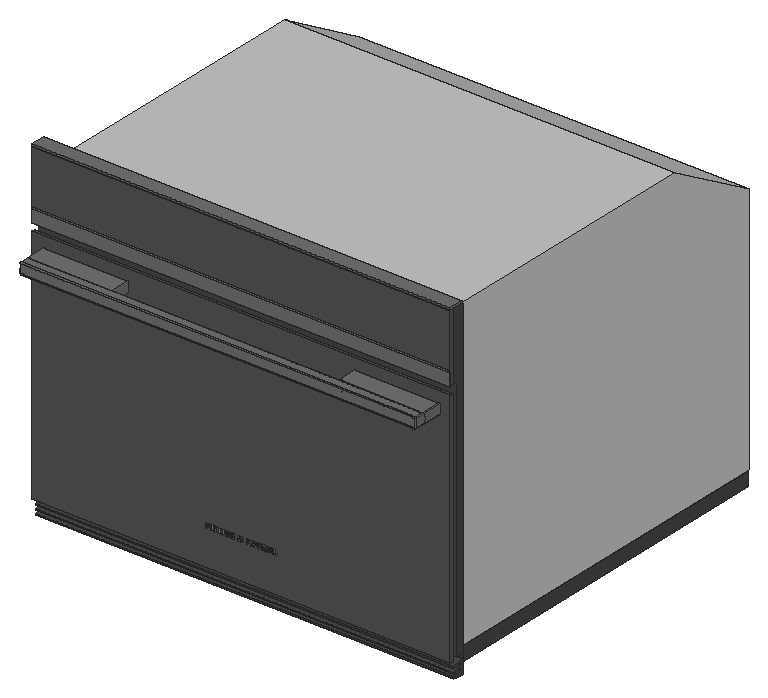
Revit family "FP_Revit_18_OS24NDBB1_w_TK480NDB1_Steam_Oven_w_24in_Trimkit_90000816A", category Specialty Equipment, Revit 2018
Family settings
  Round Connector Dimension = Use Diameter
  Part Type = Normal
  OmniClass Number = 23.40.40.14.17.31
  OmniClass Title = Small Specialized Cooking Equipment
  Work Plane-Based = No
  Always vertical = Yes
  Cut with Voids When Loaded = Yes
  Shared = No
  Room Calculation Point = No
Parameters (values of type "OS24NDBB1 + TK480NDB1")
  Visibility - Clearance Required = yes
  URL = "www.fisherpaykel.com"
  Product - Width = 596 mm  # constant formula
  Product - Height = 478 mm  # constant formula
  Product - Depth = 614 mm  # constant formula
  Model = "OS24NDBB1 + TK480NDB1"
  Material - Trim = Fisher & Paykel - Aluminium, Dark
  Material - Structure = Fisher & Paykel - Black
  Material - Handle = Fisher & Paykel - Aluminium, Dark
  Material - Glass = Fisher & Paykel - Glass, Black
  Material - Body = Fisher & Paykel - Grey
  Manufacturer = "Fisher & Paykel Appliances"
  FFL Offset [instance] = 900 mm
  Description = "24\" Steam Oven + 24\" Trimkit"
  Connector Description - Electrical = "208 V or 240 V, 60 Hz, 10.8 or 12.5 A"
  Chassis - Width = 560 mm  # constant formula
  Chassis - Height = 446 mm  # constant formula
  Chassis - Depth = 540 mm  # constant formula
  Cavity - Width = 560 mm  # constant formula
  Cavity - Height = 480 mm  # constant formula
  Cavity - Depth = 560 mm  # constant formula
Reference planes
  plane 1 "Datum": y = 0
  plane 2: z = 0
  plane 3 "Center (Left/Right)": x = 0
  plane 4: z = 1380
  plane 5: z = 1378
  plane 6 "Product LHS": x = -298
  plane 7 "Product RHS": x = 298
  plane 8 "Product - Depth": y = 0
  plane 9 "Cavity LHS": x = -300
  plane 10 "Cavity RHS": x = 300
  plane 11 "Cavity - Depth": y = 560
  plane 12 "Chassis - Height": z = 0
  plane 13 "Product Depth": y = 540
  plane 14 "FFL Offset": z = 900
  plane 15 "Front": y = -22
Forms (mm)
  Extrusion 1, void
    sketch origin (0, 0, 0) x (0, 1, 0) y (0, 0, 1)
      loop
        line (-22, 1380) -> (-22, 900) -> (0, 900) -> (0, 1380) -> (-22, 1380)
    from -300 to 300
  Extrusion 2, void
    sketch origin (0, 0, 0) x (0, 1, 0) y (0, 0, 1)
      loop
        line (560, 1380) -> (0, 1380) -> (0, 900) -> (560, 900) -> (560, 1380)
    from -280 to 280
Text (mm)
  text "Due to ongoing product development, product details are subject to change without notice. \nPlease always refer to www.fisherpaykel.com for the most current product information. \n© Fisher & Paykel 2020" at (41.04, -413.295, 0), in view "Ref. Level (Plan)"
Dimensions and locks
  equal spacing: plane 6 "Product LHS", plane 3 "Center (Left/Right)", plane 7 "Product RHS"
  "Product - Width": plane 6 "Product LHS" to plane 7 "Product RHS"
  equal spacing: plane 9 "Cavity LHS", plane 3 "Center (Left/Right)", plane 10 "Cavity RHS"
  locked: plane 9 "Cavity LHS" to plane 10 "Cavity RHS" at 600
  "Chassis - Depth": plane 1 "Datum" to plane 13 "Product Depth"
  "FFL Offset": plane 14 "FFL Offset" to level
  "Cavity - Depth": plane 1 "Datum" to plane 11 "Cavity - Depth"
  "Product - Height": plane 5 to plane 14 "FFL Offset"
  "Cavity - Height": plane 4 to plane 14 "FFL Offset"
  "Cavity - Width": Extrusion 2 to Extrusion 2
  aligned and locked: level to plane 2
  aligned and locked: nested 2 to plane 8 "Product - Depth"
  aligned and locked: Extrusion 1 sketch curve to plane 8 "Product - Depth"
  aligned and locked: plane 14 "FFL Offset" to Extrusion 1 sketch curve
  aligned and locked: Extrusion 1 sketch curve to plane 4
  aligned and locked: Extrusion 1 to plane 10 "Cavity RHS"
  aligned and locked: plane 9 "Cavity LHS" to Extrusion 1
  aligned and locked: Extrusion 2 sketch curve to plane 8 "Product - Depth"
  aligned and locked: Extrusion 2 sketch curve to plane 14 "FFL Offset"
  aligned and locked: plane 11 "Cavity - Depth" to Extrusion 2 sketch curve
  aligned and locked: Extrusion 2 sketch curve to nested 2
  aligned and locked: nested 1 to plane 8 "Product - Depth"
  aligned and locked: Extrusion 1 to nested 1
  aligned and locked: plane 15 "Front" to Extrusion 1
Automatic sketch dimensions
  Extrusion 1 sketch curve to Extrusion 1 sketch curve = 22 mm
Nested families
  nested 1: "FP_Revit_18_OS24NDBB1_Steam_Oven_90000816A" at (0, 0, 20), FFL Offset <- "FFL Offset", type "OS24NDBB1"
    with FFL Offset 900 mm
  nested 2: "FP_Revit_18_TK480ND_Trimkits_90001188A" at (0, 0, 0), FFL Offset <- "FFL Offset", type "TK480NDB1"
    with FFL Offset 900 mm
Connectors
  electrical at (-193.854, 548.619, 959.454), driven by "Connector Description - Electrical"
    settings: on nested 1, index 1, voltage 120 V, apparent load 0 VA, apparent load phase1 0 VA, apparent load phase2 0 VA, apparent load phase3 0 VA, power factor 1, load classification "Other", number of poles 1, system type 30, power factor state 1, is connector primary yes, connector utility no, sub classification motor no, connector description "208 V or 240 V, 60 Hz, 10.8 or 12.5 A"
Definition of nested family "FP_Revit_18_OS24NDBB1_Steam_Oven_90000816A"
  Parameters (values of type "OM24NDBB1")
    Visibility - Clearance Required = yes
    URL = "www.fisherpaykel.com"
    Product - Width = 596 mm  # constant formula
    Product - Height = 458 mm  # constant formula
    Product - Depth = 562 mm  # constant formula
    Model = "OM24NDBB1"
    Material - Trim = none
    Material - Structure = none
    Material - Handle = none
    Material - Glass = none
    Material - Body = none
    Manufacturer = "Fisher & Paykel Appliances"
    FFL Offset [instance] = 900 mm
    Description = "24\" Microwave Oven"
    Connector Description - Electrical = "120/240 V or 12/208 V, 60 Hz, 13 or 14 A"
    Chassis - Width = 556 mm  # constant formula
    Chassis - Height = 446 mm  # constant formula
    Chassis - Depth = 540 mm  # constant formula
    Cavity - Width = 600 mm  # constant formula
    Cavity - Height = 460 mm  # constant formula
    Cavity - Depth = 560 mm  # constant formula
  Types (4, lengths in mm): name | Model | Description | Connector Description - Electrical
    OS24NDB1 | "OS24NDB1" | "24\" Steam Oven" | "208 V or 240 V, 60 Hz, 10.8 or 12.5 A"
    OM24NDB1 | "OM24NDB1" | "24\" Microwave Oven" | "120/240 V or 12/208 V, 60 Hz, 13 or 14 A"
    OM24NDBB1 | "OM24NDBB1" | "24\" Microwave Oven" | "120/240 V or 12/208 V, 60 Hz, 13 or 14 A"
    OS24NDBB1 | "OS24NDBB1" | "24\" Steam Oven" | "208 V or 240 V, 60 Hz, 10.8 or 12.5 A"
  Reference planes
    plane 1 "Center (Front/Back)": y = 0
    plane 2: z = 0
    plane 3 "Center (Left/Right)": x = 0
    plane 4: z = 1360
    plane 5: z = 1358
    plane 6 "Product LHS": x = -298
    plane 7 "Product RHS": x = 298
    plane 8 "Product - Depth": y = 0
    plane 9 "Cavity LHS": x = -300
    plane 10 "Cavity RHS": x = 300
    plane 11 "Cavity - Depth": y = 560
    plane 12 "Front Face": y = -22
    plane 13 "Chassis - Height": z = 0
    plane 14 "Product Depth": y = 540
    plane 15 "FFL Offset": z = 900
  Forms (mm)
    Extrusion 1, solid, material <- "Material - Body"
      sketch origin (0, 0, 0) x (0, 1, 0) y (0, 0, 1)
        loop
          line (0, 1346) -> (0, 907.28) -> (5.16, 907.28) -> (5.16, 900) -> (534.187, 900) -> (534.187, 1257.991) -> (403.295, 1336.64) -> (24.316, 1336.64) -> (8.71, 1346) -> (0, 1346)
      from -278 to 278
    Extrusion 2, solid, material <- "Material - Structure", detail levels fine
      sketch origin (0, 0, 0) x (0, 1, 0) y (0, 0, 1)
        loop
          line (0, 1353.9) -> (-2, 1353.9) -> (-2, 1355) -> (-18, 1355) -> (-18, 1258) -> (-9.89, 1258) -> (-9.89, 907.28) -> (0, 907.28) -> (0, 1353.9)
      from -298 to 298
    Extrusion 3, solid, material <- "Material - Trim", detail levels fine
      sketch origin (0, 0, 0) x (0, 1, 0) y (0, 0, 1)
        loop
          line (-22, 1358) -> (-22, 1355) -> (-2, 1355) -> (-2, 1358) -> (-22, 1358)
      from -298 to 298
    Extrusion 4, solid, material <- "Material - Glass", detail levels fine
      sketch origin (0, 0, 0) x (0, 1, 0) y (0, 0, 1)
        loop
          line (-18, 1355) -> (-20.262, 1355)
          arc (-20.262, 1355) -> (-21.236, 1354.682) -> (-22, 1354) r 2.5
          line (-22, 1354) -> (-22, 1258) -> (-18, 1258) -> (-18, 1355)
      from -298 to 298
    Extrusion 5, solid, material <- "Material - Glass", detail levels fine
      sketch origin (0, 0, 0) x (0, 1, 0) y (0, 0, 1)
        loop
          line (-22, 1246.53) -> (-22, 904.53) -> (-18, 904.53) -> (-18, 1246.53) -> (-22, 1246.53)
      from -298 to 298
    Extrusion 6, solid, material <- "Material - Structure", detail levels fine
      sketch origin (0, 0, 0) x (0, 1, 0) y (0, 0, 1)
        loop
          line (-18, 1229.33) -> (-18, 907.28) -> (-9.89, 907.28) -> (-9.89, 1229.33) -> (-18, 1229.33)
      from -278 to 278
    Extrusion 7, void
      sketch origin (0, 0, 0) x (1, 0, 0) y (0, 0, 1)
        loop
          line (-158.462, 1052.91) -> (-229.24, 1052.91)
          arc (-229.24, 1052.91) -> (-232.776, 1051.446) -> (-234.24, 1047.91) r 5
          line (-234.24, 1047.91) -> (-234.24, 955.13)
          arc (-234.24, 955.13) -> (-232.776, 951.594) -> (-229.24, 950.13) r 5
          line (-229.24, 950.13) -> (-158.462, 950.13)
          arc (-158.462, 950.13) -> (-154.926, 951.594) -> (-153.462, 955.13) r 5
          line (-153.462, 955.13) -> (-153.462, 1047.91)
          arc (-153.462, 1047.91) -> (-154.926, 1051.446) -> (-158.462, 1052.91) r 5
      from -539.6 to -521.6
    Sweep 8, void
      path in 3D
        loop
          arc (-153.462, 521.6, 955.13) -> (-154.926, 521.6, 951.594) -> (-158.462, 521.6, 950.13) r 5
          line (-158.462, 521.6, 950.13) -> (-229.24, 521.6, 950.13)
          arc (-229.24, 521.6, 950.13) -> (-232.776, 521.6, 951.594) -> (-234.24, 521.6, 955.13) r 5
          line (-234.24, 521.6, 955.13) -> (-234.24, 521.6, 1047.91)
          arc (-234.24, 521.6, 1047.91) -> (-232.776, 521.6, 1051.446) -> (-229.24, 521.6, 1052.91) r 5
          line (-229.24, 521.6, 1052.91) -> (-158.462, 521.6, 1052.91)
          arc (-158.462, 521.6, 1052.91) -> (-154.926, 521.6, 1051.446) -> (-153.462, 521.6, 1047.91) r 5
          line (-153.462, 521.6, 1047.91) -> (-153.462, 521.6, 955.13)
      profile origin (-153.462, 521.6, 1001.52) x (-1, 0, 0) y (0, -1, 0)
        loop
          line (0, 0) -> (-21.3, -12.587) -> (0, -12.587) -> (0, 0)
    Extrusion 9, solid, material <- "Material - Body", detail levels medium+fine
      sketch origin (0, 0, -100) x (1, 0, 0) y (0, 0, 1)
        loop
          line (-175.354, 1115.273) -> (-212.354, 1115.273) -> (-212.354, 1057.273) -> (-175.354, 1057.273) -> (-175.354, 1115.273)
      from -540 to -521.6
    Extrusion 10, solid, material <- "Material - Trim", detail levels fine
      sketch origin (0, 0, 0) x (0, 1, 0) y (0, 0, 1)
        loop
          line (-22, 1258) -> (-22, 1277.8) -> (-22.8, 1277.8) -> (-23.7, 1275.5) -> (-23.7, 1258) -> (-22, 1258)
      from -298 to 298
    Extrusion 11, solid, visible <- "Visibility - Clearance Required", detail levels coarse
      sketch origin (0, 0, 0) x (1, 0, 0) y (0, 1, 0)
        loop
          line (-280, 0) -> (280, 0) -> (280, 548.619) -> (-280, 548.619) -> (-280, 0)
      from 900 to 1360
    Extrusion 12, solid, visible <- "Visibility - Clearance Required", detail levels coarse
      sketch origin (0, 0, 0) x (0, 1, 0) y (0, 0, 1)
        loop
          arc (-22, 1246.53) -> (-241.159, 1161.206) -> (-341.563, 948.532) r 317.644
          line (-341.563, 948.532) -> (-326.406, 946.445) -> (-332.106, 905.048) -> (-316.871, 902.951) -> (-311.171, 944.347) -> (-22, 904.53) -> (-22, 900) -> (0, 900) -> (0, 1360) -> (-22, 1360) -> (-22, 1246.53)
      from -300 to 300
    Sweep 13, solid, material <- "Material - Body", detail levels fine
      path origin (0, 0, -100) x (0, 1, 0) y (0, 0, 1)
        loop
          arc (530.8, 1057.273) -> (536.019, 1044.673) -> (548.619, 1039.454) r 17.819
      profile origin (0, 536.019, 944.673) x (0, 0.707107, 0.707107) y (1, 0, 0)
        loop
          circle (0, -193.854) r 5
    Extrusion 14, solid, material <- "Material - Glass", detail levels coarse+medium
      sketch origin (0, 0, 0) x (0, 1, 0) y (0, 0, 1)
        loop
          line (-22, 1358) -> (-22, 1258) -> (-9.89, 1258) -> (-9.89, 1229.33) -> (-18, 1229.33) -> (-18, 1246.53) -> (-22, 1246.53) -> (-22, 904.53) -> (-18, 904.53) -> (-18, 907.28) -> (0, 907.28) -> (0, 1353.9) -> (-2, 1353.9) -> (-2, 1358) -> (-22, 1358)
      from -298 to 298
    Extrusion 15, solid, material <- "Material - Body", not visible, detail levels medium+fine
      sketch origin (0, 0, 0) x (1, 0, 0) y (0, 0, 1)
        loop
          line (-175.354, 1115.273) -> (-212.354, 1115.273) -> (-212.354, 1057.273) -> (-175.354, 1057.273) -> (-175.354, 1115.273)
      from -540 to -521.6
    Sweep 16, solid, material <- "Material - Body", not visible, detail levels fine
      path origin (0, 0, 0) x (0, 1, 0) y (0, 0, 1)
        loop
          arc (530.8, 1057.273) -> (536.019, 1044.673) -> (548.619, 1039.454) r 17.819
      profile origin (0, 536.019, 1044.673) x (0, 0.707107, 0.707107) y (1, 0, 0)
        loop
          circle (0, -193.854) r 5
    Extrusion 17, void
      sketch origin (0, 0, 0) x (1, 0, 0) y (0, 1, 0)
        loop
          line (-280, 0) -> (280, 0) -> (280, 548.619) -> (-280, 548.619) -> (-280, 0)
      from 900 to 1360
    Extrusion 18, solid, visible <- "Visibility - Clearance Required", detail levels coarse
      sketch origin (0, 0, 0) x (0, 1, 0) y (0, 0, 1)
        loop
          arc (-22, 1246.53) -> (-241.159, 1161.206) -> (-341.563, 948.532) r 317.644
          line (-341.563, 948.532) -> (-326.406, 946.445) -> (-332.106, 905.048) -> (-316.871, 902.951) -> (-311.171, 944.347) -> (-22, 904.53) -> (-22, 900) -> (0, 900) -> (0, 1360) -> (-22, 1360) -> (-22, 1246.53)
      from -300 to 300
    Extrusion 19, void
      sketch origin (0, 0, 0) x (0, 1, 0) y (0, 0, 1)
        loop
          line (-22, 1360) -> (-22, 900) -> (0, 900) -> (0, 1360) -> (-22, 1360)
      from -300 to 300
  Cuts and joins
    Extrusion 7, Sweep 8 cuts Extrusion 1
    Extrusion 7 cuts Extrusion 2
    Extrusion 7 cuts Extrusion 5
    Extrusion 7 cuts Extrusion 6
  Lines and regions (mm)
    sketch lines
      curve 1: line (-153.462, 521.6, 1047.91) -> (-153.462, 521.6, 955.13)
      curve 2: arc (-153.462, 521.6, 1047.91) -> (-154.926, 521.6, 1051.446) -> (-158.462, 521.6, 1052.91) r 5
      curve 3: line (-229.24, 521.6, 1052.91) -> (-158.462, 521.6, 1052.91)
      curve 4: arc (-229.24, 521.6, 1052.91) -> (-232.776, 521.6, 1051.446) -> (-234.24, 521.6, 1047.91) r 5
      curve 5: line (-234.24, 521.6, 955.13) -> (-234.24, 521.6, 1047.91)
      curve 6: arc (-234.24, 521.6, 955.13) -> (-232.776, 521.6, 951.594) -> (-229.24, 521.6, 950.13) r 5
      curve 7: arc (-158.462, 521.6, 950.13) -> (-154.926, 521.6, 951.594) -> (-153.462, 521.6, 955.13) r 5
      curve 8: line (-158.462, 521.6, 950.13) -> (-229.24, 521.6, 950.13)
  Text (mm)
    text "Due to ongoing product development, product details are subject to change without notice. \nPlease always refer to www.fisherpaykel.com for the most current product information. \n© Fisher & Paykel 2020" at (41.04, -413.295, 0), in view "Ref. Level (Plan)"
  Dimensions and locks
    equal spacing: plane 6 "Product LHS", plane 3 "Center (Left/Right)", plane 7 "Product RHS"
    "Product - Width": plane 6 "Product LHS" to plane 7 "Product RHS"
    equal spacing: plane 9 "Cavity LHS", plane 3 "Center (Left/Right)", plane 10 "Cavity RHS"
    "Cavity - Width": plane 9 "Cavity LHS" to plane 10 "Cavity RHS"
    "Cavity - Depth": plane 11 "Cavity - Depth" to plane 1 "Center (Front/Back)"
    locked: plane 12 "Front Face" to plane 1 "Center (Front/Back)" at 22
    "Chassis - Depth": plane 1 "Center (Front/Back)" to plane 14 "Product Depth"
    Extrusion 1 sketch curve to plane 14 "Product Depth" = 5.813 mm
    equal spacing: cut or joined group of Extrusion 1, Extrusion 7, Sweep 8, plane 3 "Center (Left/Right)", cut or joined group of Extrusion 1, Extrusion 7, Sweep 8
    "Chassis - Width": cut or joined group of Extrusion 1, Extrusion 7, Sweep 8 to cut or joined group of Extrusion 1, Extrusion 7, Sweep 8
    "FFL Offset": plane 15 "FFL Offset" to level
    locked: nested 2 to plane 15 "FFL Offset" at 61.04
    locked: cut or joined group of Extrusion 1, Extrusion 7, Sweep 8 to plane 15 "FFL Offset" at 7.28
    locked: Extrusion 14 to plane 15 "FFL Offset" at 4.53
    locked: cut or joined group of Extrusion 1, Extrusion 7, Sweep 8 to plane 15 "FFL Offset" at 436.64
    "Chassis - Height": cut or joined group of Extrusion 1, Extrusion 7, Sweep 8 to plane 15 "FFL Offset"
    Extrusion 11 to plane 15 "FFL Offset" = 460 mm
    locked: plane 15 "FFL Offset" to Extrusion 9 at 57.273
    locked: plane 15 "FFL Offset" to cut or joined group of Extrusion 1, Extrusion 7, Sweep 8 at 50.13
    "Product - Height": plane 5 to plane 15 "FFL Offset"
    "Cavity - Height": plane 4 to plane 15 "FFL Offset"
    locked: nested 1 to plane 15 "FFL Offset" at 330.978
    locked: plane 5 to Extrusion 14 at 100
    locked: plane 5 to Extrusion 14 at 111.47
    locked: Extrusion 12 sketch curve to plane 15 "FFL Offset" at 4.53
    locked: plane 15 "FFL Offset" to Extrusion 7 sketch curve at 152.91
    locked: plane 15 "FFL Offset" to Extrusion 7 sketch curve at 50.13
    aligned and locked: level to plane 2
    aligned and locked: Extrusion 3 sketch curve to plane 5
    aligned and locked: plane 6 "Product LHS" to Extrusion 5
    aligned and locked: Extrusion 5 to plane 7 "Product RHS"
    aligned and locked: Extrusion 4 to plane 7 "Product RHS"
    aligned and locked: plane 6 "Product LHS" to Extrusion 4
    aligned and locked: plane 6 "Product LHS" to Extrusion 3
    aligned and locked: Extrusion 3 to plane 7 "Product RHS"
    aligned and locked: plane 6 "Product LHS" to Extrusion 2
    aligned and locked: Extrusion 2 to plane 7 "Product RHS"
    aligned and locked: plane 14 "Product Depth" to Extrusion 9
    aligned and locked: cut or joined group of Extrusion 1, Extrusion 7, Sweep 8 to Extrusion 9
    aligned and locked: Extrusion 10 to plane 7 "Product RHS"
    aligned and locked: plane 6 "Product LHS" to Extrusion 10
    aligned and locked: Extrusion 14 to plane 7 "Product RHS"
    aligned and locked: plane 6 "Product LHS" to Extrusion 14
    aligned and locked: Extrusion 1 to plane 15 "FFL Offset"
    aligned and locked: Extrusion 11 to cut or joined group of Extrusion 1, Extrusion 7, Sweep 8
    aligned and locked: Extrusion 14 to cut or joined group of Extrusion 1, Extrusion 7, Sweep 8
    aligned and locked: Extrusion 2 to cut or joined group of Extrusion 1, Extrusion 7, Sweep 8
    aligned and locked: Extrusion 6 to cut or joined group of Extrusion 1, Extrusion 7, Sweep 8
    aligned and locked: plane 5 to Extrusion 3
    aligned and locked: plane 5 to Extrusion 14
    aligned and locked: Extrusion 10 to Extrusion 4
    aligned and locked: Extrusion 14 to Extrusion 4
    aligned and locked: Extrusion 4 to cut or joined group of Extrusion 2, Extrusion 7
    aligned and locked: Extrusion 5 to Extrusion 14  (x2)
    aligned and locked: plane 4 to Extrusion 11
    aligned and locked: Extrusion 11 to Sweep 13
    aligned and locked: Extrusion 12 sketch curve to plane 15 "FFL Offset"
    aligned and locked: Extrusion 12 sketch curve to plane 4
    aligned and locked: plane 4 to Extrusion 17
    aligned and locked: Extrusion 17 to cut or joined group of Extrusion 1, Extrusion 7, Sweep 8
    aligned and locked: plane 15 "FFL Offset" to Extrusion 19 sketch curve
    aligned and locked: Extrusion 19 sketch curve to plane 4
  Automatic sketch dimensions
    Extrusion 9 sketch curve to Extrusion 9 sketch curve = 37 mm
    Extrusion 9 sketch curve to Extrusion 9 sketch curve = 58 mm
    Sweep 13 sketch curve to profile plane = 0 mm
    Sweep 13 sketch curve to Sweep 13 sketch curve = 17.819 mm
    Sweep 13 sketch curve to profile plane = 193.854 mm
    Extrusion 15 sketch curve to Extrusion 15 sketch curve = 37 mm
    Extrusion 15 sketch curve to Extrusion 15 sketch curve = 58 mm
    Sweep 16 sketch curve to profile plane = 0 mm
    Sweep 16 sketch curve to Sweep 16 sketch curve = 17.819 mm
    Sweep 16 sketch curve to profile plane = 193.854 mm
    Extrusion 1 sketch curve to plane 1 "Center (Front/Back)" = 0 mm
    Extrusion 1 sketch curve to plane 15 "FFL Offset" = 0 mm
    Extrusion 1 sketch curve to plane 1 "Center (Front/Back)" = 5.16 mm
    Extrusion 1 sketch curve to Extrusion 1 sketch curve = 8.71 mm
    Extrusion 1 sketch curve to Extrusion 1 sketch curve = 15.606 mm
    Extrusion 1 sketch curve to plane 5 = 21.36 mm
    Extrusion 1 sketch curve to plane 14 "Product Depth" = 136.705 mm
    Extrusion 1 sketch curve to Extrusion 1 sketch curve = 7.28 mm
    Extrusion 1 sketch curve to plane 5 = 100.009 mm
    Extrusion 1 sketch curve to plane 5 = 12 mm
    Extrusion 2 sketch curve to plane 1 "Center (Front/Back)" = 0 mm
    plane 1 "Center (Front/Back)" to Extrusion 2 sketch curve = 2 mm
    plane 1 "Center (Front/Back)" to Extrusion 2 sketch curve = 9.89 mm
    plane 12 "Front Face" to Extrusion 2 sketch curve = 4 mm
    plane 15 "FFL Offset" to Extrusion 2 sketch curve = 7.28 mm
    Extrusion 2 sketch curve to plane 5 = 100 mm
    Extrusion 2 sketch curve to plane 5 = 4.1 mm
    Extrusion 2 sketch curve to Extrusion 2 sketch curve = 1.1 mm
    Extrusion 3 sketch curve to plane 12 "Front Face" = 0 mm
    plane 1 "Center (Front/Back)" to Extrusion 3 sketch curve = 2 mm
    Extrusion 3 sketch curve to plane 5 = 3 mm
    Extrusion 4 sketch curve to plane 12 "Front Face" = 0 mm
    plane 12 "Front Face" to Extrusion 4 sketch curve = 1.738 mm
    plane 12 "Front Face" to Extrusion 4 sketch curve = 2.011 mm
    plane 12 "Front Face" to Extrusion 4 sketch curve = 4 mm
    Extrusion 4 sketch curve to plane 5 = 100 mm
    Extrusion 4 sketch curve to plane 5 = 5.485 mm
    Extrusion 4 sketch curve to Extrusion 4 sketch curve = 1.485 mm
    Extrusion 5 sketch curve to plane 12 "Front Face" = 0 mm
    plane 12 "Front Face" to Extrusion 5 sketch curve = 4 mm
    plane 15 "FFL Offset" to Extrusion 5 sketch curve = 4.53 mm
    Extrusion 5 sketch curve to plane 5 = 111.47 mm
    plane 12 "Front Face" to Extrusion 6 sketch curve = 4 mm
    Extrusion 6 sketch curve to Extrusion 6 sketch curve = 8.11 mm
    plane 15 "FFL Offset" to Extrusion 6 sketch curve = 7.28 mm
    Extrusion 6 sketch curve to plane 5 = 128.67 mm
    Extrusion 7 sketch curve to plane 6 "Product LHS" = 63.76 mm
    Extrusion 7 sketch curve to Extrusion 7 sketch curve = 5 mm  (x3)
    Extrusion 7 sketch curve to Extrusion 7 sketch curve = 70.778 mm  (x2)
    Sweep 8 sketch curve to profile plane = 0 mm  (x2)
    Sweep 8 sketch curve to profile plane = 21.3 mm
    profile plane to Sweep 8 sketch curve = 12.587 mm
    Extrusion 10 sketch curve to plane 12 "Front Face" = 0 mm
    Extrusion 10 sketch curve to Extrusion 10 sketch curve = 0.8 mm
    Extrusion 10 sketch curve to plane 12 "Front Face" = 1.7 mm
    Extrusion 10 sketch curve to plane 5 = 100 mm
    Extrusion 10 sketch curve to Extrusion 10 sketch curve = 17.5 mm
    Extrusion 10 sketch curve to Extrusion 10 sketch curve = 2.3 mm
    plane 1 "Center (Front/Back)" to Extrusion 11 sketch curve = 0 mm
    plane 14 "Product Depth" to Extrusion 11 sketch curve = 8.619 mm
    Extrusion 11 sketch curve to plane 6 "Product LHS" = 18 mm
    plane 7 "Product RHS" to Extrusion 11 sketch curve = 18 mm
    Extrusion 12 sketch curve to plane 12 "Front Face" = 0 mm  (x2)
    Extrusion 12 sketch curve to plane 1 "Center (Front/Back)" = 0 mm
    Extrusion 12 sketch curve to plane 12 "Front Face" = 2.526 mm
    plane 15 "FFL Offset" to Extrusion 12 sketch curve = 44.347 mm
    Extrusion 12 sketch curve to Extrusion 12 sketch curve = 286.644 mm
    plane 15 "FFL Offset" to Extrusion 12 sketch curve = 2.951 mm
    plane 15 "FFL Offset" to Extrusion 12 sketch curve = 46.445 mm
    Extrusion 12 sketch curve to Extrusion 12 sketch curve = 15.235 mm
    plane 15 "FFL Offset" to Extrusion 12 sketch curve = 48.532 mm
    Extrusion 12 sketch curve to Extrusion 12 sketch curve = 24.366 mm
    Extrusion 14 sketch curve to plane 5 = 0 mm
    Extrusion 14 sketch curve to plane 12 "Front Face" = 0 mm  (x2)
    Extrusion 14 sketch curve to plane 1 "Center (Front/Back)" = 0 mm
    plane 12 "Front Face" to Extrusion 14 sketch curve = 4 mm  (x2)
    plane 1 "Center (Front/Back)" to Extrusion 14 sketch curve = 9.89 mm
    plane 1 "Center (Front/Back)" to Extrusion 14 sketch curve = 2 mm
    Extrusion 14 sketch curve to plane 5 = 4.1 mm
    Extrusion 14 sketch curve to Extrusion 14 sketch curve = 95.9 mm
    Extrusion 14 sketch curve to Extrusion 14 sketch curve = 11.47 mm
    Extrusion 14 sketch curve to Extrusion 14 sketch curve = 17.2 mm
    plane 15 "FFL Offset" to Extrusion 14 sketch curve = 7.28 mm
    Extrusion 14 sketch curve to Extrusion 14 sketch curve = 2.75 mm
    plane 1 "Center (Front/Back)" to Extrusion 17 sketch curve = 0 mm
    plane 14 "Product Depth" to Extrusion 17 sketch curve = 8.619 mm
    Extrusion 17 sketch curve to plane 6 "Product LHS" = 18 mm
    plane 7 "Product RHS" to Extrusion 17 sketch curve = 18 mm
    Extrusion 18 sketch curve to plane 12 "Front Face" = 0 mm  (x2)
    Extrusion 18 sketch curve to plane 1 "Center (Front/Back)" = 0 mm
    Extrusion 18 sketch curve to plane 15 "FFL Offset" = 0 mm
    Extrusion 18 sketch curve to plane 4 = 0 mm
    Extrusion 18 sketch curve to plane 12 "Front Face" = 2.526 mm
    plane 15 "FFL Offset" to Extrusion 18 sketch curve = 44.347 mm
    Extrusion 18 sketch curve to Extrusion 18 sketch curve = 286.644 mm
    plane 15 "FFL Offset" to Extrusion 18 sketch curve = 2.951 mm
    Extrusion 18 sketch curve to Extrusion 18 sketch curve = 5.7 mm
    plane 15 "FFL Offset" to Extrusion 18 sketch curve = 46.445 mm
    Extrusion 18 sketch curve to Extrusion 18 sketch curve = 15.235 mm
    plane 15 "FFL Offset" to Extrusion 18 sketch curve = 48.532 mm
    Extrusion 18 sketch curve to Extrusion 18 sketch curve = 24.366 mm
    Extrusion 19 sketch curve to plane 12 "Front Face" = 0 mm
    Extrusion 19 sketch curve to plane 1 "Center (Front/Back)" = 0 mm
    radius of Sweep 13 sketch curve = 5 mm
    radius of Sweep 16 sketch curve = 5 mm
  Nested families
    nested 1: "F&P Handle Contemporary Square OB60-24" at (0, -22, 1223), type "Aluminium"
    nested 2: "F&P Logo 100mm" at (0, -22, 955), type "F&P Logo 100mm"
  Connectors
    electrical at (-193.854, 548.619, 939.454), driven by "Connector Description - Electrical"
      settings: on Sweep 13, index 1, voltage 120 V, apparent load 0 VA, apparent load phase1 0 VA, apparent load phase2 0 VA, apparent load phase3 0 VA, power factor 1, load classification none, number of poles 1, system type 30, power factor state 1, is connector primary yes, connector utility no, sub classification motor no, connector description "120/240 V or 12/208 V, 60 Hz, 13 or 14 A"
  Definition of nested family "F&P Handle Contemporary Square OB60-24"
    Parameters (values of type "Aluminium Dark")
      URL = "www.fisherpaykel.com"
      Material - Handle = none
      Manufacturer = "Fisher & Paykel Appliances"
      Handle - Length = 565 mm
    Types (2): name
      Aluminium
      Aluminium Dark
    Reference planes
      plane 1 "Center (Front/Back)": y = 0
      plane 2: z = 0
      plane 3 "Center (Left/Right)": x = 0
      plane 4 "Product LHS": x = -282.5
      plane 5 "Product RHS": x = 282.5
      plane 6 "LHS Standoff": x = -162.495
      plane 7 "RHS Standoff": x = 162.505
    Forms (mm)
      Extrusion 1, solid, material <- "Material - Handle", detail levels fine
        sketch origin (0, 0, 0) x (0, 1, 0) y (0, 0, 1)
          loop
            arc (-28.701, 7.561) -> (-29.057, 7.868) -> (-29.514, 7.978) r 1
            line (-29.514, 7.978) -> (-40.5, 7.978)
            arc (-40.5, 7.978) -> (-41.561, 7.539) -> (-42, 6.478) r 1.5
            line (-42, 6.478) -> (-42, -6.522)
            arc (-42, -6.522) -> (-41.561, -7.583) -> (-40.5, -8.022) r 1.5
            line (-40.5, -8.022) -> (-29.487, -8.022)
            arc (-29.487, -8.022) -> (-29.029, -7.911) -> (-28.673, -7.602) r 1
            arc (-28.673, -7.602) -> (-26.256, -0.016) -> (-28.701, 7.561) r 13.038
        from -282.5 to 282.5
      Extrusion 2, solid, material <- "Material - Handle", detail levels fine
        sketch origin (0, 0, 0) x (0, 1, 0) y (0, 0, 1)
          loop
            arc (-28.23, 7.062) -> (-26.156, 0.008) -> (-28.198, -7.056) r 13.136
            arc (-28.198, -7.056) -> (-28.21, -7.463) -> (-27.86, -7.67) r 0.4
            line (-27.86, -7.67) -> (0, -7.67) -> (0, 7.678) -> (-27.893, 7.678)
            arc (-27.893, 7.678) -> (-28.244, 7.47) -> (-28.23, 7.062) r 0.4
        from 162.505 to 282.5
      Extrusion 3, solid, material <- "Material - Handle", detail levels fine
        sketch origin (0, 0, 0) x (0, 1, 0) y (0, 0, -1)
          loop
            arc (-28.23, -7.062) -> (-28.244, -7.47) -> (-27.893, -7.678) r 0.4
            line (-27.893, -7.678) -> (0, -7.678) -> (0, 7.67) -> (-27.86, 7.67)
            arc (-27.86, 7.67) -> (-28.21, 7.463) -> (-28.198, 7.056) r 0.4
            arc (-28.198, 7.056) -> (-26.156, -0.008) -> (-28.23, -7.062) r 13.136
        from 162.495 to 282.5
      Sweep 4, void
        path in 3D
          loop
            line (282.5, -29.514, 7.978) -> (282.5, -40.5, 7.978)
            arc (282.5, -40.5, 7.978) -> (282.5, -41.561, 7.539) -> (282.5, -42, 6.478) r 1.5
            line (282.5, -42, 6.478) -> (282.5, -42, -6.522)
            arc (282.5, -42, -6.522) -> (282.5, -41.561, -7.583) -> (282.5, -40.5, -8.022) r 1.5
            line (282.5, -40.5, -8.022) -> (282.5, -29.487, -8.022)
        profile origin (282.5, -35.007, 7.978) x (1, 0, 0) y (0, 0, 1)
          loop
            line (0, 0) -> (-1.3, 0) -> (0, -1.3) -> (0, 0)
      Sweep 5, void
        path in 3D
          loop
            line (-282.5, -29.487, -8.022) -> (-282.5, -40.5, -8.022)
            arc (-282.5, -40.5, -8.022) -> (-282.5, -41.561, -7.583) -> (-282.5, -42, -6.522) r 1.5
            line (-282.5, -42, -6.522) -> (-282.5, -42, 6.478)
            arc (-282.5, -42, 6.478) -> (-282.5, -41.561, 7.539) -> (-282.5, -40.5, 7.978) r 1.5
            line (-282.5, -40.5, 7.978) -> (-282.5, -29.514, 7.978)
        profile origin (-282.5, -35.007, 7.978) x (-1, 0, 0) y (0, 0, 1)
          loop
            line (0, 0) -> (-1.3, 0) -> (0, -1.3) -> (0, 0)
      Extrusion 6, void
        sketch origin (0, 0, 0) x (1, 0, 0) y (0, 0, 1)
          loop
            line (282.5, 7.978) -> (281.2, 7.978) -> (282.5, 6.678) -> (282.5, 7.978)
          loop
            line (282.5, -8.022) -> (282.5, -6.722) -> (281.2, -8.022) -> (282.5, -8.022)
        from 0 to 40
      Extrusion 7, void
        sketch origin (0, 0, 0) x (1, 0, 0) y (0, 0, 1)
          loop
            line (-282.5, 7.978) -> (-282.5, 6.678) -> (-281.2, 7.978) -> (-282.5, 7.978)
          loop
            line (-282.5, -8.022) -> (-281.2, -8.022) -> (-282.5, -6.722) -> (-282.5, -8.022)
        from 0 to 40
      Extrusion 8, solid, material <- "Material - Handle", detail levels coarse+medium
        sketch origin (0, 0, 0) x (1, 0, 0) y (0, 1, 0)
          loop
            line (-282.5, -42) -> (282.5, -42) -> (282.5, 0) -> (162.505, 0) -> (162.505, -26.156) -> (-162.495, -26.156) -> (-162.495, 0) -> (-282.5, 0) -> (-282.5, -42)
        from -8.022 to 7.978
    Cuts and joins
      Sweep 4, Sweep 5, Extrusion 6, Extrusion 7 cuts Extrusion 1
      Extrusion 6 cuts Extrusion 2
      Extrusion 7 cuts Extrusion 3
    Lines and regions (mm)
      sketch lines
        curve 1: line (282.5, -29.514, 7.978) -> (282.5, -40.5, 7.978)
        curve 2: arc (282.5, -42, 6.478) -> (282.5, -41.561, 7.539) -> (282.5, -40.5, 7.978) r 1.5
        curve 3: line (282.5, -42, 6.478) -> (282.5, -42, -6.522)
        curve 4: arc (282.5, -40.5, -8.022) -> (282.5, -41.561, -7.583) -> (282.5, -42, -6.522) r 1.5
        curve 5: line (282.5, -40.5, -8.022) -> (282.5, -29.487, -8.022)
        curve 6: line (-282.5, -40.5, 7.978) -> (-282.5, -29.514, 7.978)
        curve 7: arc (-282.5, -40.5, 7.978) -> (-282.5, -41.561, 7.539) -> (-282.5, -42, 6.478) r 1.5
        curve 8: line (-282.5, -42, -6.522) -> (-282.5, -42, 6.478)
        curve 9: arc (-282.5, -42, -6.522) -> (-282.5, -41.561, -7.583) -> (-282.5, -40.5, -8.022) r 1.5
        curve 10: line (-282.5, -29.487, -8.022) -> (-282.5, -40.5, -8.022)
    Dimensions and locks
      equal spacing: plane 4 "Product LHS", plane 3 "Center (Left/Right)", plane 5 "Product RHS"
      "Handle - Length": plane 4 "Product LHS" to plane 5 "Product RHS"
      locked: plane 4 "Product LHS" to plane 6 "LHS Standoff" at 120.005
      locked: plane 7 "RHS Standoff" to plane 5 "Product RHS" at 119.995
      aligned and locked: level to plane 2
      aligned and locked: Extrusion 1 to plane 5 "Product RHS"
      aligned and locked: plane 4 "Product LHS" to Extrusion 1
      aligned and locked: Extrusion 2 to plane 5 "Product RHS"
      aligned and locked: plane 4 "Product LHS" to Extrusion 3
      aligned and locked: plane 4 "Product LHS" to Extrusion 8 sketch curve
      aligned and locked: Extrusion 8 sketch curve to plane 5 "Product RHS"
      aligned and locked: Extrusion 8 sketch curve to plane 7 "RHS Standoff"
      aligned and locked: plane 6 "LHS Standoff" to Extrusion 8 sketch curve
      aligned and locked: Extrusion 2 to plane 7 "RHS Standoff"
      aligned and locked: plane 6 "LHS Standoff" to Extrusion 3
    Automatic sketch dimensions
      Extrusion 1 sketch curve to level = 6.522 mm
      plane 1 "Center (Front/Back)" to Extrusion 1 sketch curve = 42 mm
      Extrusion 1 sketch curve to Extrusion 1 sketch curve = 1.5 mm  (x2)
      Extrusion 1 sketch curve to level = 0.04 mm
      Extrusion 1 sketch curve to Extrusion 1 sketch curve = 1.206 mm
      level to Extrusion 1 sketch curve = 6.978 mm
      Extrusion 1 sketch curve to Extrusion 1 sketch curve = 10.986 mm
      Extrusion 1 sketch curve to Extrusion 1 sketch curve = 11.013 mm
      Extrusion 1 sketch curve to Extrusion 1 sketch curve = 1 mm
      level to Extrusion 1 sketch curve = 6.478 mm
      Extrusion 1 sketch curve to Extrusion 1 sketch curve = 0 mm
      Extrusion 2 sketch curve to plane 1 "Center (Front/Back)" = 0 mm
      Extrusion 2 sketch curve to level = 7.67 mm
      Extrusion 2 sketch curve to Extrusion 2 sketch curve = 27.86 mm
      level to Extrusion 2 sketch curve = 7.678 mm
      Extrusion 2 sketch curve to Extrusion 2 sketch curve = 0.033 mm
      Extrusion 2 sketch curve to level = 0.022 mm
      Extrusion 2 sketch curve to Extrusion 2 sketch curve = 11.398 mm
      Extrusion 2 sketch curve to Extrusion 2 sketch curve = 0.4 mm  (x2)
      Extrusion 2 sketch curve to Extrusion 2 sketch curve = 0 mm
      Extrusion 3 sketch curve to plane 1 "Center (Front/Back)" = 0 mm
      Extrusion 3 sketch curve to level = 7.67 mm
      Extrusion 3 sketch curve to Extrusion 3 sketch curve = 27.86 mm
      level to Extrusion 3 sketch curve = 7.678 mm
      Extrusion 3 sketch curve to Extrusion 3 sketch curve = 0.033 mm
      Extrusion 3 sketch curve to level = 0.022 mm
      Extrusion 3 sketch curve to Extrusion 3 sketch curve = 11.398 mm
      Extrusion 3 sketch curve to Extrusion 3 sketch curve = 0.4 mm  (x2)
      Extrusion 3 sketch curve to Extrusion 3 sketch curve = 0 mm
      profile plane to Sweep 4 sketch curve = 0 mm
      Sweep 4 sketch curve to profile plane = 0 mm
      Sweep 4 sketch curve to profile plane = 1.3 mm
      profile plane to Sweep 4 sketch curve = 1.3 mm
      Sweep 5 sketch curve to profile plane = 0 mm  (x2)
      profile plane to Sweep 5 sketch curve = 1.3 mm
      Sweep 5 sketch curve to profile plane = 1.3 mm
      plane 5 "Product RHS" to Extrusion 6 sketch curve = 0 mm  (x2)
      Extrusion 6 sketch curve to Extrusion 6 sketch curve = 1.3 mm  (x4)
      Extrusion 6 sketch curve to level = 6.722 mm
      level to Extrusion 6 sketch curve = 6.678 mm
      plane 4 "Product LHS" to Extrusion 7 sketch curve = 0 mm  (x2)
      Extrusion 7 sketch curve to plane 4 "Product LHS" = 1.3 mm  (x2)
      Extrusion 7 sketch curve to level = 8.022 mm
      level to Extrusion 7 sketch curve = 6.678 mm
      Extrusion 7 sketch curve to Extrusion 7 sketch curve = 1.3 mm  (x2)
      plane 1 "Center (Front/Back)" to Extrusion 8 sketch curve = 0 mm  (x2)
      Extrusion 8 sketch curve to Extrusion 8 sketch curve = 26.156 mm
      Extrusion 8 sketch curve to Extrusion 8 sketch curve = 42 mm
  Definition of nested family "F&P Logo 100mm"
    Parameters (values of type "F&P Logo 100mm")
      URL = "www.fisherpaykel.com"
      Material - Logo = none
      Manufacturer = "Fisher & Paykel Appliances"
    Reference planes
      plane 1 "Center (Front/Back)": y = 0
      plane 2: z = 0
      plane 3 "Center (Left/Right)": x = 0
    Forms (mm)
      Extrusion 1, solid, material <- "Material - Logo", detail levels fine
        sketch origin (0, 0, 0) x (1, 0, 0) y (0, 0, 1)
          loop
            line (-50.044, 0) -> (-48.47, 0) -> (-48.47, 2.138) -> (-46.011, 2.138) -> (-46.011, 3.472) -> (-48.47, 3.472) -> (-48.47, 4.712) -> (-45.795, 4.712) -> (-45.795, 6.04) -> (-50.044, 6.04) -> (-50.044, 0)
          loop
            line (-42.804, 6.04) -> (-42.804, 0) -> (-41.23, 0) -> (-41.23, 6.04) -> (-42.804, 6.04)
          loop
            line (-30.724, 6.04) -> (-30.724, 0) -> (-29.151, 0) -> (-29.151, 2.42) -> (-26.839, 2.42) -> (-26.839, 0) -> (-25.265, 0) -> (-25.265, 6.04) -> (-26.839, 6.04) -> (-26.839, 3.748) -> (-29.151, 3.748) -> (-29.151, 6.04) -> (-30.724, 6.04)
          loop
            line (-21.906, 6.04) -> (-21.906, 0) -> (-17.602, 0) -> (-17.602, 1.328) -> (-20.347, 1.328) -> (-20.347, 2.42) -> (-17.838, 2.42) -> (-17.838, 3.748) -> (-20.347, 3.748) -> (-20.347, 4.712) -> (-17.602, 4.712) -> (-17.602, 6.04) -> (-21.906, 6.04)
          loop
            line (45.667, 6.04) -> (45.667, 0) -> (49.956, 0) -> (49.956, 1.328) -> (47.241, 1.328) -> (47.241, 6.04) -> (45.667, 6.04)
          loop
            line (42.431, 6.04) -> (38.112, 6.04) -> (38.112, 0) -> (42.431, 0) -> (42.431, 1.328) -> (39.687, 1.328) -> (39.687, 2.42) -> (42.195, 2.42) -> (42.195, 3.748) -> (39.687, 3.748) -> (39.687, 4.712) -> (42.431, 4.712) -> (42.431, 6.04)
          loop
            line (33.451, 3.148) -> (35.683, 6.04) -> (33.844, 6.04) -> (31.915, 3.542) -> (31.915, 6.04) -> (30.342, 6.04) -> (30.342, 0) -> (31.915, 0) -> (31.915, 2.705) -> (33.903, 0) -> (35.763, 0) -> (33.451, 3.148)
          loop
            line (21.98, 6.04) -> (24.262, 2.42) -> (24.262, 0) -> (25.837, 0) -> (25.837, 2.341) -> (28.119, 6.04) -> (26.446, 6.04) -> (25.099, 3.707) -> (23.753, 6.04) -> (21.98, 6.04)
          loop
            line (18.479, 6.04) -> (16.983, 6.04) -> (14.524, 0) -> (16.069, 0) -> (16.501, 1.112) -> (18.921, 1.112) -> (19.354, 0) -> (20.938, 0) -> (18.479, 6.04)
          loop
            line (18.4, 2.439) -> (17.693, 4.174) -> (17.018, 2.439) -> (18.4, 2.439)
          loop
            line (8.031, 6.04) -> (8.031, 0) -> (9.605, 0) -> (9.605, 1.938) -> (10.599, 1.938)
            arc (10.599, 1.938) -> (12.65, 3.989) -> (10.599, 6.04) r 2.051
            line (10.599, 6.04) -> (8.031, 6.04)
          loop
            line (9.605, 4.712) -> (9.605, 3.197) -> (10.501, 3.197)
            arc (10.501, 3.197) -> (11.259, 3.954) -> (10.501, 4.712) r 0.757
            line (10.501, 4.712) -> (9.605, 4.712)
          loop
            line (-11.783, 6.04) -> (-14.366, 6.04) -> (-14.366, 0) -> (-12.792, 0) -> (-12.792, 1.336) -> (-11.992, 1.336) -> (-10.972, 0) -> (-9.153, 0) -> (-10.694, 1.973)
            arc (-10.694, 1.973) -> (-9.678, 4.424) -> (-11.783, 6.04) r 2.179
          loop
            line (-11.897, 4.712) -> (-12.792, 4.712) -> (-12.792, 3.053) -> (-11.897, 3.053)
            arc (-11.897, 3.053) -> (-11.068, 3.882) -> (-11.897, 4.712) r 0.83
          loop
            line (0.477, 4.712) -> (0.477, 6.153) -> (-3.575, 6.153) -> (-3.575, 4.851) -> (-2.974, 4.112)
            arc (-2.974, 4.112) -> (-3.51, 0.684) -> (-0.045, 0.512) r 2.334
            line (-0.045, 0.512) -> (0.46, -0.109) -> (2.246, -0.109) -> (0.86, 1.594) -> (2.061, 3.324) -> (0.443, 3.324) -> (-0.013, 2.667) -> (-1.677, 4.712) -> (0.477, 4.712)
          loop
            arc (-2.125, 3.068) -> (-2.269, 1.668) -> (-0.868, 1.524) r 0.996
            line (-0.868, 1.524) -> (-2.125, 3.068)
          loop
            line (-35.18, 3.634) -> (-36.516, 3.91)
            arc (-36.516, 3.91) -> (-37.049, 4.443) -> (-36.516, 4.976) r 0.533
            arc (-36.516, 4.976) -> (-35.235, 4.79) -> (-34.059, 4.248) r 4.505
            line (-34.059, 4.248) -> (-34.059, 5.743)
            arc (-34.059, 5.743) -> (-35.549, 6.179) -> (-37.1, 6.109) r 4.726
            arc (-37.1, 6.109) -> (-38.536, 4.335) -> (-37.1, 2.561) r 1.814
            line (-37.1, 2.561) -> (-35.754, 2.282)
            arc (-35.754, 2.282) -> (-35.221, 1.749) -> (-35.754, 1.216) r 0.533
            arc (-35.754, 1.216) -> (-37.035, 1.402) -> (-38.211, 1.945) r 4.505
            line (-38.211, 1.945) -> (-38.211, 0.449)
            arc (-38.211, 0.449) -> (-36.72, 0.013) -> (-35.169, 0.083) r 4.726
            arc (-35.169, 0.083) -> (-33.734, 1.863) -> (-35.18, 3.634) r 1.814
        from 0 to 0.8
    Dimensions and locks
      aligned and locked: level to plane 2
Definition of nested family "FP_Revit_18_TK480ND_Trimkits_90001188A"
  Parameters (values of type "TK480NDB1")
    Visibility - Clearance Required = yes
    URL = "www.fisherpaykel.com"
    Product - Width = 596 mm  # constant formula
    Product - Height = 478 mm  # constant formula
    Product - Depth = 551.5 mm  # constant formula
    Model = "TK480NDB1"
    Material - Body = none
    Manufacturer = "Fisher & Paykel Appliances"
    FFL Offset [instance] = 860 mm
    Description = "24\"/60cm Trim Kit"
    Chassis - Width = 560 mm  # constant formula
    Chassis - Height = 20 mm  # constant formula
    Chassis - Depth = 530 mm  # constant formula
    Cavity - Width = 600 mm  # constant formula
    Cavity - Height = 480 mm  # constant formula
    Cavity - Depth = 560 mm  # constant formula
  Reference planes
    plane 1 "Center (Front/Back)": y = 0
    plane 2: z = 0
    plane 3 "Center (Left/Right)": x = 0
    plane 4 "Cavity - Height": z = 1340
    plane 5 "Product - Height": z = 1338
    plane 6 "Product - Depth": y = 530
    plane 7 "Cavity - Depth": y = 560
    plane 8 "Chassis - Height": z = 880
    plane 9 "FFL Offset": z = 860
    plane 10 "Product - RHS": x = 298
    plane 11 "Cavity - RHS": x = 300
    plane 12 "Product - LHS": x = -298
    plane 13 "Cavity - LHS": x = -300
    plane 14 "Front - Face": y = -21.5
  Forms (mm)
    Extrusion 1, solid, material <- "Material - Body"
      sketch origin (0, 23.5, 0) x (1, 0, 0) y (0, 0, 1)
        loop
          line (280, 880) -> (200, 880) -> (200, 861) -> (176, 861) -> (176, 860) -> (280, 860) -> (280, 880)
        loop
          line (-280, 880) -> (-280, 860) -> (-176, 860) -> (-176, 861) -> (-200, 861) -> (-200, 880) -> (-280, 880)
      from -506.5 to 0
    Extrusion 2, solid, material <- "Material - Body", detail levels fine
      sketch origin (0, 23.5, 15) x (0, 1, 0) y (0, 0, 1)
        loop
          line (-23.654, 865) -> (-39.5, 861.049) -> (-39.5, 858.901) -> (-26, 862.392) -> (-26, 858.092) -> (-39.5, 854.601) -> (-39.5, 852.601) -> (-26, 856.092) -> (-26, 851.848) -> (-39.5, 848.356) -> (-39.5, 846.348) -> (-34.47, 845) -> (0, 845) -> (0, 865) -> (-23.654, 865)
      from -298 to 298
    Extrusion 3, void
      sketch origin (0, 23.5, 0) x (1, 0, 0) y (0, 1, 0)
        loop
          circle (-270, 70) r 5
        loop
          circle (-270, 460) r 5
        loop
          circle (270, 70) r 5
        loop
          circle (270, 460) r 5
      from 860 to 880
    Extrusion 4, void
      sketch origin (0, 23.5, 0) x (0, 1, 0) y (0, 0, 1)
        loop
          circle (460, 870) r 5
        loop
          circle (70, 870) r 5
      from -225 to 225
    Extrusion 5, solid, visible <- "Visibility - Clearance Required", detail levels coarse
      sketch origin (0, 0, 0) x (1, 0, 0) y (0, 1, 0)
        loop
          line (-280, 0) -> (280, 0) -> (280, 560) -> (-280, 560) -> (-280, 0)
      from 860 to 1330
    Extrusion 6, solid, visible <- "Visibility - Clearance Required", detail levels coarse
      sketch origin (0, 0, 0) x (1, 0, 0) y (0, 1, 0)
        loop
          line (-300, 0) -> (-300, -21.5) -> (300, -21.5) -> (300, 0) -> (-300, 0)
      from 860 to 1340
    Extrusion 7, void
      sketch origin (0, 0, 0) x (1, 0, 0) y (0, 1, 0)
        loop
          line (-280, 560) -> (-280, 0) -> (280, 0) -> (280, 560) -> (-280, 560)
      from 860 to 1330
    Extrusion 8, void
      sketch origin (0, 0, 0) x (1, 0, 0) y (0, 1, 0)
        loop
          line (-300, -21.5) -> (300, -21.5) -> (300, 0) -> (-300, 0) -> (-300, -21.5)
      from 860 to 1340
    Extrusion 9, solid, material <- "Material - Body", detail levels coarse+medium
      sketch origin (0, 23.5, 0) x (0, 1, 0) y (0, 0, 1)
        loop
          line (-39.5, 880) -> (-39.5, 860) -> (0, 860) -> (0, 880) -> (-39.5, 880)
      from -298 to 298
    Extrusion 10, void
      sketch origin (0, 23.5, 0) x (1, 0, 0) y (0, 1, 0)
        loop
          line (298, 0) -> (280, 0) -> (280, -23.5) -> (298, -23.5) -> (298, 0)
        loop
          line (-298, 0) -> (-298, -23.5) -> (-280, -23.5) -> (-280, 0) -> (-298, 0)
      from 860 to 880
  Cuts and joins
    Extrusion 3, Extrusion 4 cuts Extrusion 1
    Extrusion 10 cuts Extrusion 9
    Extrusion 10 cuts Extrusion 2
  Text (mm)
    text "Due to ongoing product development, product details are subject to change without notice. \nPlease always refer to www.fisherpaykel.com for the most current product information. \n© Fisher & Paykel 2020" at (41.04, -248.295, 0), in view "Ref. Level (Plan)"
  Dimensions and locks
    "Cavity - Depth": plane 7 "Cavity - Depth" to plane 1 "Center (Front/Back)"
    "Chassis - Depth": plane 6 "Product - Depth" to plane 1 "Center (Front/Back)"
    equal spacing: Extrusion 5, plane 3 "Center (Left/Right)", Extrusion 5
    "Chassis - Width": Extrusion 5 to Extrusion 5
    "Chassis - Height": plane 9 "FFL Offset" to plane 8 "Chassis - Height"
    "Product - Height": plane 5 "Product - Height" to plane 9 "FFL Offset"
    "Cavity - Height": plane 4 "Cavity - Height" to plane 9 "FFL Offset"
    Extrusion 4 sketch curve to plane 9 "FFL Offset" = 10 mm
    locked: plane 5 "Product - Height" to Extrusion 7 at 8
    "FFL Offset": plane 9 "FFL Offset" to level
    cut or joined group of Extrusion 1, Extrusion 3, Extrusion 4 to plane 9 "FFL Offset" = 10 mm
    equal spacing: plane 12 "Product - LHS", plane 3 "Center (Left/Right)", plane 10 "Product - RHS"
    equal spacing: plane 13 "Cavity - LHS", plane 3 "Center (Left/Right)", plane 11 "Cavity - RHS"
    "Cavity - Width": plane 13 "Cavity - LHS" to plane 11 "Cavity - RHS"
    "Product - Width": plane 12 "Product - LHS" to plane 10 "Product - RHS"
    locked: Extrusion 7 to plane 9 "FFL Offset" at 470
    "Product - Depth": cut or joined group of Extrusion 1, Extrusion 3, Extrusion 4 to plane 14 "Front - Face"
    locked: plane 14 "Front - Face" to plane 1 "Center (Front/Back)" at 21.5
    aligned and locked: level to plane 2
    aligned and locked: Extrusion 1 to plane 6 "Product - Depth"
    aligned and locked: plane 4 "Cavity - Height" to Extrusion 6
    aligned and locked: plane 4 "Cavity - Height" to Extrusion 8
    aligned and locked: plane 9 "FFL Offset" to Extrusion 1 sketch curve
    aligned and locked: plane 8 "Chassis - Height" to Extrusion 1 sketch curve
    aligned and locked: Extrusion 1 sketch curve to plane 8 "Chassis - Height"
    aligned and locked: Extrusion 1 sketch curve to plane 9 "FFL Offset"
    aligned and locked: Extrusion 5 to cut or joined group of Extrusion 1, Extrusion 3, Extrusion 4
    aligned and locked: Extrusion 5 to Extrusion 7
    aligned and locked: Extrusion 1 to Extrusion 3  (x2)
    aligned and locked: Extrusion 7 to cut or joined group of Extrusion 1, Extrusion 3, Extrusion 4
    aligned and locked: Extrusion 2 sketch curve to plane 8 "Chassis - Height"
    aligned and locked: Extrusion 2 sketch curve to plane 9 "FFL Offset"
    aligned and locked: Extrusion 8 to Extrusion 2
    aligned and locked: Extrusion 8 to cut or joined group of Extrusion 1, Extrusion 3, Extrusion 4
    aligned and locked: Extrusion 6 to Extrusion 2
    aligned and locked: Extrusion 9 sketch curve to Extrusion 5
    aligned and locked: plane 13 "Cavity - LHS" to Extrusion 8
    aligned and locked: plane 11 "Cavity - RHS" to Extrusion 8
    aligned and locked: plane 13 "Cavity - LHS" to Extrusion 6
    aligned and locked: plane 12 "Product - LHS" to Extrusion 2
    aligned and locked: Extrusion 6 to plane 11 "Cavity - RHS"
    aligned and locked: Extrusion 9 to plane 10 "Product - RHS"
    aligned and locked: Extrusion 2 to plane 10 "Product - RHS"
    aligned and locked: Extrusion 10 sketch curve to Extrusion 7
    aligned and locked: Extrusion 10 sketch curve to Extrusion 10 sketch curve
    aligned and locked: Extrusion 7 to Extrusion 10 sketch curve
    aligned and locked: Extrusion 10 to plane 9 "FFL Offset"
    aligned and locked: Extrusion 10 to plane 8 "Chassis - Height"
    aligned and locked: plane 14 "Front - Face" to Extrusion 8
    aligned and locked: plane 14 "Front - Face" to Extrusion 6
  Automatic sketch dimensions
    Extrusion 3 sketch curve to plane 1 "Center (Front/Back)" = 93.5 mm  (x2)
    Extrusion 3 sketch curve to plane 6 "Product - Depth" = 46.5 mm  (x2)
    Extrusion 5 sketch curve to plane 7 "Cavity - Depth" = 0 mm
    plane 1 "Center (Front/Back)" to Extrusion 5 sketch curve = 0 mm
    plane 1 "Center (Front/Back)" to Extrusion 6 sketch curve = 0 mm
    plane 1 "Center (Front/Back)" to Extrusion 7 sketch curve = 0 mm
    Extrusion 7 sketch curve to plane 7 "Cavity - Depth" = 0 mm
    Extrusion 8 sketch curve to Extrusion 8 sketch curve = 21.5 mm
    plane 9 "FFL Offset" to Extrusion 1 sketch curve = 1 mm  (x2)
    Extrusion 1 sketch curve to Extrusion 1 sketch curve = 80 mm  (x2)
    Extrusion 1 sketch curve to Extrusion 1 sketch curve = 24 mm  (x2)
    plane 3 "Center (Left/Right)" to Extrusion 1 sketch curve = 176 mm
    plane 8 "Chassis - Height" to Extrusion 2 sketch curve = 2.608 mm
    Extrusion 2 sketch curve to Extrusion 2 sketch curve = 2.346 mm
    Extrusion 2 sketch curve to Extrusion 2 sketch curve = 0 mm  (x3)
    plane 9 "FFL Offset" to Extrusion 2 sketch curve = 1.348 mm
    Extrusion 2 sketch curve to Extrusion 2 sketch curve = 2.009 mm
    plane 9 "FFL Offset" to Extrusion 2 sketch curve = 6.848 mm
    Extrusion 2 sketch curve to Extrusion 2 sketch curve = 4.244 mm  (x2)
    Extrusion 2 sketch curve to Extrusion 2 sketch curve = 2 mm  (x2)
    Extrusion 2 sketch curve to Extrusion 2 sketch curve = 4.3 mm
    Extrusion 2 sketch curve to Extrusion 2 sketch curve = 2.148 mm
    Extrusion 4 sketch curve to plane 6 "Product - Depth" = 46.5 mm
    plane 8 "Chassis - Height" to Extrusion 4 sketch curve = 10 mm
    Extrusion 4 sketch curve to plane 1 "Center (Front/Back)" = 93.5 mm
    plane 3 "Center (Left/Right)" to Extrusion 3 sketch curve = 270 mm  (x2)
    plane 3 "Center (Left/Right)" to Extrusion 5 sketch curve = 280 mm
    plane 3 "Center (Left/Right)" to Extrusion 6 sketch curve = 300 mm
    plane 3 "Center (Left/Right)" to Extrusion 7 sketch curve = 280 mm
    plane 3 "Center (Left/Right)" to Extrusion 8 sketch curve = 300 mm
    Extrusion 1 sketch curve to plane 3 "Center (Left/Right)" = 176 mm
    Extrusion 3 sketch curve to plane 3 "Center (Left/Right)" = 270 mm  (x2)
    Extrusion 5 sketch curve to plane 3 "Center (Left/Right)" = 280 mm
    Extrusion 6 sketch curve to plane 3 "Center (Left/Right)" = 300 mm
    Extrusion 7 sketch curve to plane 3 "Center (Left/Right)" = 280 mm
    Extrusion 8 sketch curve to plane 3 "Center (Left/Right)" = 300 mm
    plane 8 "Chassis - Height" to Extrusion 9 sketch curve = 0 mm
    Extrusion 10 sketch curve to plane 12 "Product - LHS" = 0 mm
    Extrusion 10 sketch curve to plane 10 "Product - RHS" = 0 mm
    Extrusion 2 sketch curve to plane 1 "Center (Front/Back)" = 23.5 mm
    Extrusion 9 sketch curve to plane 1 "Center (Front/Back)" = 23.5 mm
    Extrusion 10 sketch curve to Extrusion 10 sketch curve = 23.5 mm  (x2)
    plane 1 "Center (Front/Back)" to Extrusion 2 sketch curve = 0.154 mm
    Extrusion 2 sketch curve to Extrusion 2 sketch curve = 8.47 mm
    Extrusion 2 sketch curve to Extrusion 2 sketch curve = 5.03 mm
    plane 1 "Center (Front/Back)" to Extrusion 6 sketch curve = 21.5 mm
    plane 1 "Center (Front/Back)" to Extrusion 8 sketch curve = 0 mm
    plane 1 "Center (Front/Back)" to Extrusion 9 sketch curve = 16 mm
    plane 1 "Center (Front/Back)" to Extrusion 10 sketch curve = 0 mm
    radius of Extrusion 3 sketch curve = 5 mm  (x4)
    radius of Extrusion 4 sketch curve = 5 mm  (x2)
